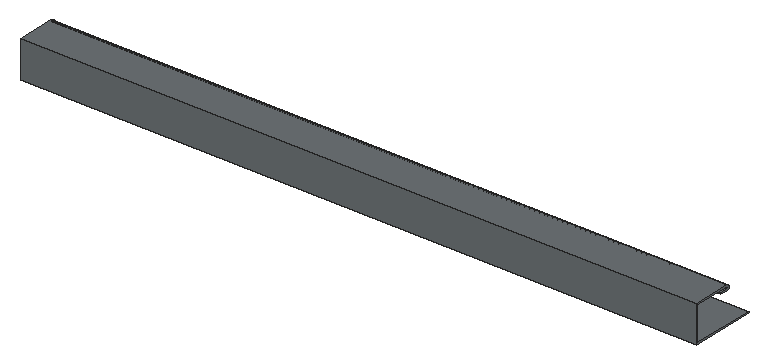
Revit family "BIMLIB_ПланкаПОбразнаяБлокХаусNew_GRANDLINE", category Обобщенные модели, Revit 2017
Family settings
  Может служить основой для арматурных стержней = Нет
  Размер круглого соединителя = Использовать диаметр
  Тип детали = Нормальный
  При загрузке вырезать с полостями = Нет
  Общий = Нет
  Точка расчета площади = Нет
Parameters (values of type "Планка П-образная")
  Смещение от плоскости [instance] = 0 mm
  Описание = ADSK_Наименование  # "П-образная планка Блок Хаус New"
  Изготовитель = "Grand Line"  # constant formula
  built-in parameter 1001306 [instance] = 500 mm
  Watermark [instance] = "Модели защищены уникальным кодом"
  URL = "https://www.grandline.ru"
  BL_Разработано = "support@bimlib.pro"
  BL_Email = "info@grandline.ru"
  BL_BIM library = "https://bimlib.pro/manufacturer/company/22430"
  ADSK_Размер_Длина [instance] = [built-in parameter 1001306]  # 500 mm
  ADSK_Обозначение = "ГОСТ 19904-90, ГОСТ 14918-80"
  ADSK_Наименование = "П-образная планка Блок Хаус New"
  ADSK_Материал тип подсчета = 1  # constant formula
  ADSK_Материал = GL_Drap_RAL7016
  ADSK_Масса_Текст [instance] = ""
  ADSK_Масса [instance] = 0
  ADSK_Марка = ""
  ADSK_Количество [instance] = if(ADSK_Материал тип подсчета = 0, 1, if(ADSK_Материал тип подсчета = 1, ADSK_Размер_Длина / 1000 mm, 0))  # 0.5
  ADSK_Код изделия = "M012.043.02"  # constant formula
  ADSK_Завод-изготовитель = "Grand Line"  # constant formula
  ADSK_Единица измерения = "м"  # constant formula
  ADSK_Группирование = "Доборные элементы"  # constant formula
  ADSK_Версия Revit = "2017"  # constant formula
  ADSK_URL страницы изделия = "https://www.grandline.ru/planka-p-obraznaya-bkh-new-0-45-drap-ral-3005-krasnoe-vino-227263.html"
  ADSK_URL документации изделия = "https://www.grandline.ru/uploads/files/chertezhi_vse/dobornye_elementy/desaiydingblokhaus-new/P-obraznaa.jpg"
Reference planes
  plane 1 "По центру (Вперед/Назад)": y = 0
  plane 2: z = 0
  plane 3 "Слева": x = 0
  plane 4 "Справа": x = 500
Forms (mm)
  Sweep 1, solid, material "GL_Drap_RAL7016" <- "ADSK_Материал"
    path in 3D
      loop
        line (0, 0, 0) -> (500, 0, 0)
    profile "Профиль_ПланкаПОбразнаяБлокХаусNew : Профиль" origin (250, 0, 0) x (0, 1, 0) y (0, 0, 1)
      loop
        line (0, 0) -> (48, 0) -> (48, 0.8) -> (0.8, 0.8) -> (0.8, 26.2) -> (28.25, 26.2)
        arc (28.25, 26.2) -> (29.2, 25.25) -> (28.25, 24.3) r 0.95
        line (28.25, 24.3) -> (23, 24.3) -> (23, 23.5) -> (28.25, 23.5)
        arc (28.25, 23.5) -> (30, 25.25) -> (28.25, 27) r 1.75
        line (28.25, 27) -> (0, 27) -> (0, 0)
Lines and regions (mm)
  reference lines
    curve 1: line (0, 0, 0) -> (500, 0, 0)
  sketch lines
    curve 2: line (0, 0, 0) -> (500, 0, 0)
Dimensions and locks
  "built-in parameter 1001306": plane 3 "Слева" to plane 4 "Справа"
  aligned and locked: plane 4 "Справа" to curve 1
  aligned and locked: plane 1 "По центру (Вперед/Назад)" to curve 1
  aligned and locked: plane 3 "Слева" to curve 1
  aligned and locked: level to plane 2
